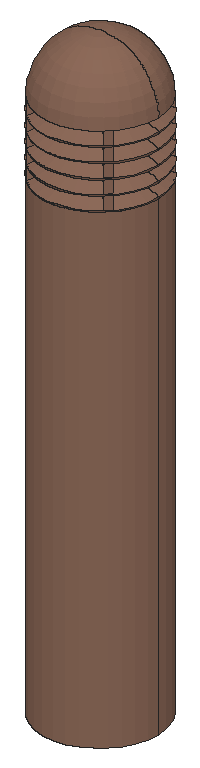
Revit family "VRB_Bollard", category Lighting Fixtures, Revit 2013
Parameters (values of type "VRB")
  Wattage Comments = "default"
  Wattage = 12.1178 W
  built-in parameter 1150110 = 1 (stored number, unit not read)
  Voltage = 120 V
  URL = "www.kimlighting.com/"
  Type Comments = "Lighted Bollard"  # constant formula
  built-in parameter 1114217 = 1 (stored number, unit not read)
  Tilt Angle = 90.00°
  built-in parameter 1150109 = 1 (stored number, unit not read)
  built-in parameter 1150134 = (empty or 0)
  built-in parameter 1150113 = 1 (stored number, unit not read)
  Series = "Vandal-Resistant Bollards"  # constant formula
  Revisions Date = "11/02/2017"  # constant formula
  Radius = Diameter / 2  # 0' - 4"
  Product Page URL = "http://www.kimlighting.com/products/vandalresistant_round_bollards"
  Product Documentation Link = "http://www.kimlighting.com/content/products/psg/psg_files/kim_vrb_vsbled_psg.pdf"
  Power Factor = 1
  Photometric Web Link = "http://www.kimlighting.com/products/vandalresistant_round_bollards"
  Photometric Web File = "vrb1-10l4k.ies"
  Photometric Notes = "More IES files download on Photometric Web Link"  # constant formula
  Number of Poles = 1
  Note Visible = yes
  Note Text = "LF"  # constant formula
  Model = "VRB Bollard"  # constant formula
  MasterFormat Title = "Landscape Lighting, Site Lighting, Walkway Lighting"  # constant formula
  Manufacturer Phone = "626-968-5666"  # constant formula
  Manufacturer Fax = "626-369-2695"  # constant formula
  Manufacturer = "Kim Lighting"  # constant formula
  Lumens = 1800 lm
  built-in parameter 1150115 = 1 (stored number, unit not read)
  built-in parameter 1150105 = 143.24 (stored number, unit not read)
  Load Classification = Lighting
  built-in parameter 1150137 = (empty or 0)
  built-in parameter 1150139 = (empty or 0)
  built-in parameter 1150112 = 1 (stored number, unit not read)
  built-in parameter 1150114 = 1 (stored number, unit not read)
  Lamp = "LED"  # constant formula
  built-in parameter 1150132 = 2
  built-in parameter 1150102 = (empty or 0)
  built-in parameter 1150138 = (empty or 0)
  built-in parameter 1150107 = 3000 (stored number, unit not read)
  built-in parameter 1150106 = 1.4324 (stored number, unit not read)
  Height = 3' - 6"
  Glass = Glass-KIM-Temper Molded
  Finish = Powder Coat-Kim-Dark Bronze
  built-in parameter 1150104 = 13.8 (stored number, unit not read)
  Dimming Lamp Color Temperature Shift = <None>
  Diameter = 0' - 8"  # constant formula
  Description = "Low Level Luminaire"  # constant formula
  Color Filter = 16777215
  built-in parameter 1114218 = 1 (stored number, unit not read)
  built-in parameter 1150133 = 10 (stored number, unit not read)
  Assembly Code = "D5020200"
  Apparent Load = 0 VA
Reference planes (in)
  plane 1 "Light Source Axis (F/B)": y = 0
  plane 2: z = 0
  plane 3 "Light Source Axis (L/R)": x = 0
  plane 4 "Light Source Elevation": z = 36
  plane 5 "Left": x = -4
  plane 6 "Right": x = 4
  plane 7 "Back": y = 4
  plane 8 "Front": y = -4
  plane 9 "Top": z = 42
  plane 10: z = 33
  plane 11: z = 38
Forms (in)
  Extrusion 1, solid, material "Powder Coat-Kim-Dark Bronze" <- "Finish"
    sketch origin (0, 0, 39.75) x (-1, 0, 0) y (0, -1, 0)
      loop
        line (2.98509, 2.63154) -> (2.63154, 2.98509) -> (1.61663, 1.97019) -> (1.97019, 1.61663) -> (2.98509, 2.63154)
      loop
        line (2.98509, -2.63154) -> (1.97019, -1.61663) -> (1.61663, -1.97019) -> (2.63154, -2.98509) -> (2.98509, -2.63154)
      loop
        line (-2.98509, 2.63154) -> (-1.97019, 1.61663) -> (-1.61663, 1.97019) -> (-2.63154, 2.98509) -> (-2.98509, 2.63154)
      loop
        line (-2.98509, -2.63154) -> (-2.63154, -2.98509) -> (-1.61663, -1.97019) -> (-1.97019, -1.61663) -> (-2.98509, -2.63154)
    from -6.75 to -1.75
  Revolve 2, solid, material "Powder Coat-Kim-Dark Bronze" <- "Finish", detail levels medium+fine
    sketch origin (0, 0, 0) x (1, 0, 0) y (0, 0, 1)
      loop
        line (-4, 33) -> (-1.98859, 33.93794) -> (-2.04141, 34.05123) -> (-4.05283, 33.11329) -> (-4, 33)
      loop
        line (-4, 34) -> (-1.98859, 34.93794) -> (-2.04141, 35.05123) -> (-4.05283, 34.11329) -> (-4, 34)
      loop
        line (-4, 35) -> (-1.98859, 35.93794) -> (-2.04141, 36.05123) -> (-4.05283, 35.11329) -> (-4, 35)
      loop
        line (-4, 36) -> (-1.98859, 36.93794) -> (-2.04141, 37.05123) -> (-4.05283, 36.11329) -> (-4, 36)
      loop
        line (-4, 37) -> (-1.98859, 37.93794) -> (-2.04141, 38.05123) -> (-4.05283, 37.11329) -> (-4, 37)
      axis (0, 33) -> (0, 38.05123)
    angle from 0 to 360
  Revolve 3, solid, material "Glass-KIM-Temper Molded" <- "Glass", detail levels medium+fine
    sketch origin (0, 0, 0) x (1, 0, 0) y (0, 0, 1)
      loop
        line (-1.98859, 33) -> (-1.86359, 33) -> (-1.86359, 38.43794)
        arc (-1.86359, 38.43794) -> (-1.31776, 39.75569) -> (0, 40.30152) r 1.86359
        line (0, 40.30152) -> (0, 40.42652)
        arc (0, 40.42652) -> (-1.40614, 39.84408) -> (-1.98859, 38.43794) r 1.98859
        line (-1.98859, 38.43794) -> (-1.98859, 33)
      axis (0, 33) -> (0, 40.42652)
    angle from 0 to 360
  Revolve 4, solid, material "Powder Coat-Kim-Dark Bronze" <- "Finish", detail levels medium+fine
    sketch origin (0, 0, 0) x (1, 0, 0) y (0, 0, 1)
      loop
        line (-4, 0) -> (-1.875, 0) -> (-1.875, 33) -> (-4, 33) -> (-4, 0)
      loop
        line (-4, 38) -> (-3.24226, 38) -> (-3.24226, 39.88422)
        arc (-3.24226, 39.88422) -> (-1.87039, 41.25025) -> (0, 41.75) r 3.75
        line (0, 41.75) -> (0, 42)
        arc (0, 42) -> (-2.82843, 40.82843) -> (-4, 38) r 4
      axis (0, 0) -> (0, 42)
    angle from 0 to 360
  Revolve 5, solid, material "Powder Coat-Kim-Dark Bronze" <- "Finish", detail levels coarse
    sketch origin (0, 0, 0) x (1, 0, 0) y (0, 0, 1)
      loop
        line (-4, 0) -> (0, 0) -> (0, 33) -> (-4, 33) -> (-4, 0)
      loop
        line (-4, 38) -> (0, 38) -> (0, 42)
        arc (0, 42) -> (-2.82843, 40.82843) -> (-4, 38) r 4
      axis (0, 42) -> (0, 0)
    angle from 0 to 360
Lines and regions (in)
  Masking region 1
    outline origin (0, 0, 0) x (1, 0, 0) y (0, 1, 0)
      loop
        circle (0, 0) r 4
  symbolic lines, style "LightingFixturesHiddenLines", detail levels fine
    curve 1: circle (-1.76777, 1.76777, 0) r 0.1875 normal (0, 0, 1)
    curve 2: circle (1.76777, 1.76777, 0) r 0.1875 normal (0, 0, -1)
    curve 3: circle (-1.76777, -1.76777, 0) r 0.1875 normal (0, 0, -1)
    curve 4: circle (1.76777, -1.76777, 0) r 0.1875 normal (0, 0, 1)
  symbolic lines, style "LightingFixturesHiddenLines", detail levels medium+fine
    curve 5: circle (0, 0, 0) r 1.875 normal (0, 0, 1)
Dimensions and locks (in)
  equal spacing: plane 7 "Back", plane 1 "Light Source Axis (F/B)", plane 8 "Front"
  "Diameter": plane 7 "Back" to plane 8 "Front"
  equal spacing: plane 5 "Left", plane 3 "Light Source Axis (L/R)", plane 6 "Right"
  "Diameter": plane 5 "Left" to plane 6 "Right"
  "Height": plane 9 "Top" to level
  imposter light to Revolve 3 sketch curve to Revolve 3 sketch curve = 0' - 1.86359" locked, 0' - 0 1/8" locked
  Revolve 3 sketch curve to Revolve 3 sketch curve to Revolve 3 sketch curve to Revolve 3 sketch curve to plane 10 = 0' - 0 1/8" locked, 0' - 1.86359" locked, 0' - 0" locked, 0' - 5.43794" locked
  locked: curve 3 to plane 8 "Front" at 2.23223
  locked: plane 7 "Back" to curve 1 at 2.23223
  locked: plane 7 "Back" to curve 2 at 2.23223
  locked: curve 4 to plane 8 "Front" at 2.23223
  locked: plane 5 "Left" to curve 1 at 2.23223
  locked: plane 5 "Left" to curve 3 at 2.23223
  locked: curve 2 to plane 6 "Right" at 2.23223
  locked: curve 4 to plane 6 "Right" at 2.23223
  locked: curve 5 to plane 1 "Light Source Axis (F/B)" at 0
  locked: curve 5 to plane 3 "Light Source Axis (L/R)" at 0
  locked: plane 3 "Light Source Axis (L/R)" to Revolve 4 sketch curve at 1.875
  locked: plane 5 "Left" to Revolve 4 sketch curve at 0.75774
  plane 9 "Top" to plane 11 to plane 4 "Light Source Elevation" to plane 10 = 0' - 4" locked, 0' - 2" locked, 0' - 3" locked
  Revolve 2 sketch curve to Revolve 2 sketch curve to Revolve 2 sketch curve to Revolve 2 sketch curve to Revolve 2 sketch curve to Revolve 2 sketch curve to Revolve 2 sketch curve to Revolve 2 sketch curve to Revolve 2 sketch curve to Revolve 2 sketch curve to Revolve 2 sketch curve to Revolve 2 sketch curve to Revolve 2 sketch curve to Revolve 2 sketch curve to Revolve 2 sketch curve to Revolve 2 sketch curve to Revolve 2 sketch curve to Revolve 2 sketch curve to Revolve 2 sketch curve to plane 10 to Revolve 2 sketch curve = 0' - 0 29/256" locked, 0' - 0.82465" locked, 0' - 0.06206" locked, 0' - 0.05123" locked, 0' - 0.06206" locked, 0' - 0.82465" locked, 0' - 0.06206" locked, 0' - 0.05123" locked, 0' - 0.06206" locked, 0' - 0.82465" locked, 0' - 0.06206" locked, 0' - 0.05123" locked, 0' - 0.06206" locked, 0' - 0.82465" locked, 0' - 0.06206" locked, 0' - 0.05123" locked, 0' - 0.06206" locked, 0' - 0.82465" locked, 0' - 0 29/256" locked, 0' - 0" locked
  Revolve 2 sketch curve to plane 5 "Left" to Revolve 2 sketch curve to Revolve 2 sketch curve to Revolve 2 sketch curve = 0' - 0.05283" locked, 0' - 0" locked, 0' - 1.95859" locked, 0' - 0.05283" locked  (x5)
  plane 9 "Top" to Revolve 4 sketch curve to Revolve 4 sketch curve = 0' - 4" locked, 0' - 0" locked
  plane 5 "Left" to Extrusion 1 sketch curve to Extrusion 1 sketch curve to Extrusion 1 sketch curve to Extrusion 1 sketch curve = 0' - 1.01491" locked, 0' - 0.35355" locked, 0' - 0.66135" locked, 0' - 0.35355" locked  (x2)
  Extrusion 1 sketch curve to Extrusion 1 sketch curve to Extrusion 1 sketch curve to Extrusion 1 sketch curve to plane 8 "Front" = 0' - 0.35355" locked, 0' - 0.66135" locked, 0' - 0.35355" locked, 0' - 1.01491" locked  (x2)
  plane 7 "Back" to Extrusion 1 sketch curve to Extrusion 1 sketch curve to Extrusion 1 sketch curve to Extrusion 1 sketch curve = 0' - 1.01491" locked, 0' - 0.35355" locked, 0' - 0.66135" locked, 0' - 0.35355" locked  (x2)
  Extrusion 1 sketch curve to Extrusion 1 sketch curve to Extrusion 1 sketch curve to Extrusion 1 sketch curve to plane 6 "Right" = 0' - 0.35355" locked, 0' - 0.66135" locked, 0' - 0.35355" locked, 0' - 1.01491" locked  (x2)
  locked: plane 1 "Light Source Axis (F/B)" to Masking region 1 sketch curve at 0
  locked: plane 3 "Light Source Axis (L/R)" to Masking region 1 sketch curve at 0
  "Radius": radius of Masking region 1 sketch curve
  aligned and locked: plane 3 "Light Source Axis (L/R)" to imposter light
  aligned and locked: plane 1 "Light Source Axis (F/B)" to imposter light
  aligned and locked: plane 4 "Light Source Elevation" to imposter light
  aligned and locked: Extrusion 1 to plane 10
  aligned and locked: plane 11 to Extrusion 1
  aligned and locked: plane 3 "Light Source Axis (L/R)" to Revolve 2 sketch curve
  aligned and locked: Revolve 3 sketch curve to plane 3 "Light Source Axis (L/R)"
  aligned and locked: Revolve 3 sketch curve to plane 10
  aligned and locked: plane 3 "Light Source Axis (L/R)" to Revolve 3 sketch curve
  aligned and locked: level to Revolve 4 sketch curve
  aligned and locked: Revolve 4 sketch curve to plane 5 "Left"
  aligned and locked: Revolve 4 sketch curve to plane 10
  aligned and locked: plane 3 "Light Source Axis (L/R)" to Revolve 4 sketch curve
  aligned and locked: plane 3 "Light Source Axis (L/R)" to Revolve 5 sketch curve
  aligned and locked: Revolve 5 sketch curve to plane 11
  aligned and locked: plane 5 "Left" to Revolve 5 sketch curve
  aligned and locked: Revolve 5 sketch curve to plane 5 "Left"
  aligned and locked: Revolve 5 sketch curve to plane 3 "Light Source Axis (L/R)"  (x2)
  aligned and locked: Revolve 5 sketch curve to plane 10
  aligned and locked: level to Revolve 5 sketch curve
Automatic sketch dimensions
  Revolve 3 sketch curve to plane 10 = 0' - 1 1/4"
  Revolve 3 sketch curve to Revolve 3 sketch curve = 0' - 0.57348"
  Revolve 4 sketch curve to level = 1' - 9"
  Revolve 4 sketch curve to Revolve 4 sketch curve = 1' - 1"
  Revolve 2 sketch curve to plane 10 = 0' - 1.37171"
  plane 11 to Revolve 2 sketch curve = 0' - 1.12829"
  plane 5 "Left" to Revolve 4 sketch curve = 0' - 0"
  Revolve 4 sketch curve to plane 3 "Light Source Axis (L/R)" = 0' - 0"
  Revolve 4 sketch curve to Revolve 4 sketch curve = 0' - 1.88422"
  Revolve 5 sketch curve to level = 0' - 7 1/2"
  Revolve 5 sketch curve to Revolve 5 sketch curve = 0' - 5 1/2"
  radius of curve 1 = 0' - 0 3/16"
  radius of curve 2 = 0' - 0 3/16"
  radius of curve 3 = 0' - 0 3/16"
  radius of curve 4 = 0' - 0 3/16"
  radius of curve 5 = 0' - 1 7/8"
Nested families (in)
  nested 1: "Notation" at (0, 4.62623, 0), visible <- "Note Visible", type "Notation"
Connectors (in)
  electrical at (0, 0, 0), driven by "Power Factor", driven by "Apparent Load", driven by "Voltage", driven by "Number of Poles", driven by "Load Classification"
    settings: on Revolve 4, index 1, voltage 120 V, apparent load 0 VA, apparent load phase1 0 VA, apparent load phase2 0 VA, apparent load phase3 0 VA, power factor 1, load classification "Lighting", number of poles 1, system type 30, power factor state 1, is connector primary yes, connector utility no, sub classification motor no, connector description "Lighting Connector"
Definition of nested family "Notation"
  Parameters (values of type "Notation")
    Notation = "LF"
  Reference planes (in)
    plane 1: y = 0
    plane 2: x = 0
  Text (in)
    label "Notation" at (0.02149, 0.07192, 0), shows "Notation"
